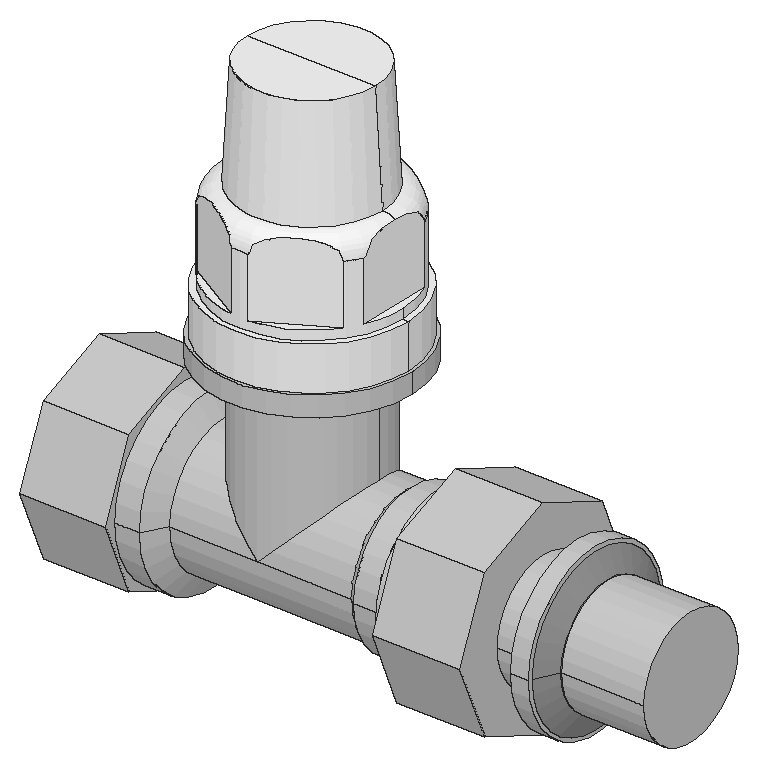
Revit family "PA_Арматура трубопроводов [клапан термостатический прямой, VT.032.NR]1 - VALTEC", category Арматура трубопроводов, Revit 2018
Family settings
  Размер круглого соединителя = Использовать диаметр
  Тип детали = Вставляется
  На основе рабочей плоскости = Нет
  Всегда вертикально = Да
  При загрузке вырезать с полостями = Нет
  Общий = Нет
Parameters (values of type "VT.032.NR")
  Таблица 1 = "PA_Арматура трубопроводов [клапан термостатический прямой, VT.032.NR] - VALTEC - Таблица 1"  # constant formula
  Материал доп.1 = Черный - VALTEC
  Изготовитель = "VALTEC"  # constant formula
  Головка термостатическая [instance] = Колпачок : Колпачок
  d9 [instance] = size_lookup(Таблица 1, "d9", 0 mm, D1)  # 25.6 mm
  d8 [instance] = size_lookup(Таблица 1, "d8", 0 mm, D1)  # 25.8 mm
  d7 [instance] = size_lookup(Таблица 1, "d7", 0 mm, D1)  # 20.7 mm
  a9 [instance] = size_lookup(Таблица 1, "a9", 0 mm, D1)  # 1.5 mm
  a8 [instance] = size_lookup(Таблица 1, "a8", 0 mm, D1)  # 1.2 mm
  a7 [instance] = size_lookup(Таблица 1, "a7", 0 mm, D1)  # 2.9 mm
  a6 [instance] = size_lookup(Таблица 1, "a6", 0 mm, D1)  # 0.9 mm
  a5 [instance] = size_lookup(Таблица 1, "a5", 0 mm, D1)  # 12 mm
  a13 [instance] = size_lookup(Таблица 1, "a13", 0 mm, D1)  # 1.5 mm
  a12 [instance] = size_lookup(Таблица 1, "a12", 0 mm, D1)  # 2.3 mm
  a11 [instance] = size_lookup(Таблица 1, "a11", 0 mm, D1)  # 4.5 mm
  a10 [instance] = size_lookup(Таблица 1, "a10", 0 mm, D1)  # 11.2 mm
  MM_Геометрия [instance] = if(Головка термостатическая = [1!!!НЕ ИЗМЕНЯТЬ!!!], MM_1!!!НЕ ИЗМЕНЯТЬ!!!, if(Головка термостатическая = [2!!!НЕ ИЗМЕНЯТЬ!!!], MM_2!!!НЕ ИЗМЕНЯТЬ!!!, if(Головка термостатическая = [3!!!НЕ ИЗМЕНЯТЬ!!!], MM_3!!!НЕ ИЗМЕНЯТЬ!!!, if(Головка термостатическая = [4!!!НЕ ИЗМЕНЯТЬ!!!], MM_4!!!НЕ ИЗМЕНЯТЬ!!!, if(Головка термостатическая = [5!!!НЕ ИЗМЕНЯТЬ!!!], MM_4!!!НЕ ИЗМЕНЯТЬ!!!, if(Головка термостатическая = [6!!!НЕ ИЗМЕНЯТЬ!!!], MM_5!!!НЕ ИЗМЕНЯТЬ!!!, if(Головка термостатическая = [7!!!НЕ ИЗМЕНЯТЬ!!!], MM_6!!!НЕ ИЗМЕНЯТЬ!!!, if(Головка термостатическая = [8!!!НЕ ИЗМЕНЯТЬ!!!], MM_6!!!НЕ ИЗМЕНЯТЬ!!!, if(Головка термостатическая = [9!!!НЕ ИЗМЕНЯТЬ!!!], MM_6!!!НЕ ИЗМЕНЯТЬ!!!, if(Головка термостатическая = [10!!!НЕ ИЗМЕНЯТЬ!!!], MM_6!!!НЕ ИЗМЕНЯТЬ!!!, if(Головка термостатическая = [11!!!НЕ ИЗМЕНЯТЬ!!!], MM_7!!!НЕ ИЗМЕНЯТЬ!!!, if(Головка термостатическая = [12!!!НЕ ИЗМЕНЯТЬ!!!], MM_7!!!НЕ ИЗМЕНЯТЬ!!!, if(Головка термостатическая = [13!!!НЕ ИЗМЕНЯТЬ!!!], MM_7!!!НЕ ИЗМЕНЯТЬ!!!, MM_8!!!НЕ ИЗМЕНЯТЬ!!!)))))))))))))  # MM_Обобщенные модели [колпачок, VT.031.NER] - VALTEC : VT.TE3042.0
  MM_8!!!НЕ ИЗМЕНЯТЬ!!! = MM_Обобщенные модели [колпачок, VT.031.NER] - VALTEC : VT.TE3042.0
  MM_7!!!НЕ ИЗМЕНЯТЬ!!! = MM_Обобщенные модели [сервопривод электрический, VT.TE3042] - VALTEC : VT.TE3042.0
  MM_6!!!НЕ ИЗМЕНЯТЬ!!! = MM_Обобщенные модели [сервопривод электрический, VT.TE3040] - VALTEC : VT.TE3040
  MM_5!!!НЕ ИЗМЕНЯТЬ!!! = MM_Обобщенные модели [cервопривод EQUICALOR, VT.AS1000] - VALTEC : VT.AS1000
  MM_4!!!НЕ ИЗМЕНЯТЬ!!! = MM_Обобщенные модели [головка термостатическая жидкостная, VT.5000.0] - VALTEC : VT.5000.0 - VT.5010.0
  MM_3!!!НЕ ИЗМЕНЯТЬ!!! = MM_Обобщенные модели [головка термостатическая жидкостная, VT.3000.0] - VALTEC : VT.3000.0
  MM_2!!!НЕ ИЗМЕНЯТЬ!!! = MM_Обобщенные модели [головка термостатическая жидкостная, VT.1500.0] - VALTEC : VT.1500.0
  MM_1!!!НЕ ИЗМЕНЯТЬ!!! = MM_Обобщенные модели [головка термостатическая твердотельная, VT.1000.0] - VALTEC : VT.1000.0
  ME_Информация [instance] = if(Головка термостатическая = [1!!!НЕ ИЗМЕНЯТЬ!!!], ME_1!!!НЕ ИЗМЕНЯТЬ!!!, if(Головка термостатическая = [2!!!НЕ ИЗМЕНЯТЬ!!!], ME_2!!!НЕ ИЗМЕНЯТЬ!!!, if(Головка термостатическая = [3!!!НЕ ИЗМЕНЯТЬ!!!], ME_3!!!НЕ ИЗМЕНЯТЬ!!!, if(Головка термостатическая = [4!!!НЕ ИЗМЕНЯТЬ!!!], ME_4!!!НЕ ИЗМЕНЯТЬ!!!, if(Головка термостатическая = [5!!!НЕ ИЗМЕНЯТЬ!!!], ME_5!!!НЕ ИЗМЕНЯТЬ!!!, if(Головка термостатическая = [6!!!НЕ ИЗМЕНЯТЬ!!!], ME_6!!!НЕ ИЗМЕНЯТЬ!!!, if(Головка термостатическая = [7!!!НЕ ИЗМЕНЯТЬ!!!], ME_7!!!НЕ ИЗМЕНЯТЬ!!!, if(Головка термостатическая = [8!!!НЕ ИЗМЕНЯТЬ!!!], ME_8!!!НЕ ИЗМЕНЯТЬ!!!, if(Головка термостатическая = [9!!!НЕ ИЗМЕНЯТЬ!!!], ME_9!!!НЕ ИЗМЕНЯТЬ!!!, if(Головка термостатическая = [10!!!НЕ ИЗМЕНЯТЬ!!!], ME_10!!!НЕ ИЗМЕНЯТЬ!!!, if(Головка термостатическая = [11!!!НЕ ИЗМЕНЯТЬ!!!], ME_11!!!НЕ ИЗМЕНЯТЬ!!!, if(Головка термостатическая = [12!!!НЕ ИЗМЕНЯТЬ!!!], ME_12!!!НЕ ИЗМЕНЯТЬ!!!, if(Головка термостатическая = [13!!!НЕ ИЗМЕНЯТЬ!!!], ME_13!!!НЕ ИЗМЕНЯТЬ!!!, ME_14!!!НЕ ИЗМЕНЯТЬ!!!)))))))))))))  # ME_Оборудование [колпачек] - VALTEC : ME_Оборудование [колпачек] - VALTEC
  ME_9!!!НЕ ИЗМЕНЯТЬ!!! = ME_Оборудование [сервопривод электрический, VT.TE3041.0.024] - VALTEC : ME_Оборудование [сервопривод электрический, VT.TE3041.0.024] - VALTEC
  ME_8!!!НЕ ИЗМЕНЯТЬ!!! = ME_Оборудование [сервопривод электрический, VT.TE3040.A.220] - VALTEC : ME_Оборудование [сервопривод электрический, VT.TE3040.A.220] - VALTEC
  ME_7!!!НЕ ИЗМЕНЯТЬ!!! = ME_Оборудование [сервопривод электрический, VT.TE3040.0.220] - VALTEC : ME_Оборудование [сервопривод электрический, VT.TE3040.0.220] - VALTEC
  ME_6!!!НЕ ИЗМЕНЯТЬ!!! = ME_Оборудование [cервопривод EQUICALOR, VT.AS1000] - VALTEC : ME_Оборудование [cервопривод EQUICALOR, VT.AS1000] - VALTEC
  ME_5!!!НЕ ИЗМЕНЯТЬ!!! = ME_Оборудование [головка термостатическая жидкостная, VT.5010.0] - VALTEC : ME_Оборудование [головка термостатическая жидкостная, VT.5010.0] - VALTEC
  ME_4!!!НЕ ИЗМЕНЯТЬ!!! = ME_Оборудование [головка термостатическая жидкостная, VT.5000.0] - VALTEC : ME_Оборудование [головка термостатическая жидкостная, VT.5000.0] - VALTEC
  ME_3!!!НЕ ИЗМЕНЯТЬ!!! = ME_Оборудование [головка термостатическая жидкостная, VT.3000.0] - VALTEC : ME_Оборудование [головка термостатическая жидкостная, VT.3000.0] - VALTEC
  ME_2!!!НЕ ИЗМЕНЯТЬ!!! = ME_Оборудование [головка термостатическая жидкостная, VT.1500.0] - VALTEC : ME_Оборудование [головка термостатическая жидкостная, VT.1500.0] - VALTEC
  ME_14!!!НЕ ИЗМЕНЯТЬ!!! = ME_Оборудование [колпачек] - VALTEC : ME_Оборудование [колпачек] - VALTEC
  ME_13!!!НЕ ИЗМЕНЯТЬ!!! = ME_Оборудование [сервопривод электрический, VT.TE3042.A.220] - VALTEC : ME_Оборудование [сервопривод электрический, VT.TE3042.A.220] - VALTEC
  ME_12!!!НЕ ИЗМЕНЯТЬ!!! = ME_Оборудование [сервопривод электрический, VT.TE3042.0.220] - VALTEC : ME_Оборудование [сервопривод электрический, VT.TE3042.0.220] - VALTEC
  ME_11!!!НЕ ИЗМЕНЯТЬ!!! = ME_Оборудование [сервопривод электрический, VT.TE3042.0.024] - VALTEC : ME_Оборудование [сервопривод электрический, VT.TE3042.0.024] - VALTEC
  ME_10!!!НЕ ИЗМЕНЯТЬ!!! = ME_Оборудование [сервопривод электрический, VT.TE3041.A.024] - VALTEC : ME_Оборудование [сервопривод электрический, VT.TE3041.A.024] - VALTEC
  ME_1!!!НЕ ИЗМЕНЯТЬ!!! = ME_Оборудование [головка термостатическая твердотельная, VT.1000.0] - VALTEC : ME_Оборудование [головка термостатическая твердотельная, VT.1000.0] - VALTEC
  B [instance] = 56 mm
  b3 [instance] = size_lookup(Таблица 1, "b3", 0 mm, D1)  # 2.6 mm
  b2 [instance] = size_lookup(Таблица 1, "b2", 0 mm, D1)  # 2.3 mm
  d6 [instance] = size_lookup(Таблица 1, "d6", 0 mm, D1)  # 21.6 mm
  d5 [instance] = size_lookup(Таблица 1, "d5", 0 mm, D1)  # 26.7 mm
  d4 [instance] = size_lookup(Таблица 1, "d4", 0 mm, D1)  # 22.1 mm
  d3 [instance] = size_lookup(Таблица 1, "d3", 0 mm, D1)  # 18.8 mm
  d2 [instance] = size_lookup(Таблица 1, "d2", 0 mm, D1)  # 17.4 mm
  d1 [instance] = size_lookup(Таблица 1, "d1", 0 mm, D1)  # 22.9 mm
  D1 [instance] = 15 mm
  b1 [instance] = size_lookup(Таблица 1, "b1", 0 mm, D1)  # 17.7 mm
  a4 [instance] = size_lookup(Таблица 1, "a4", 0 mm, D1)  # 11.4 mm
  a3 [instance] = size_lookup(Таблица 1, "a3", 0 mm, D1)  # 1.6 mm
  a2 [instance] = size_lookup(Таблица 1, "a2", 0 mm, D1)  # 3.3 mm
  a1 [instance] = size_lookup(Таблица 1, "a1", 0 mm, D1)  # 11 mm
  URL = "https://valtec.ru/"
  C [instance] = 0 mm
  ADSK_Расход жидкости [instance] = 0.0 L/s
  ADSK_Примечание [instance] = ""
  ADSK_Потеря давления жидкости [instance] = 0.0 Pa
  ADSK_Позиция [instance] = ""
  ADSK_Обозначение [instance] = "VT.032.NR"  # constant formula
  ADSK_Наименование [instance] = size_lookup(Таблица 1, "", "Данный типоразмер отсутствует", D1)  # "Клапан термостатический прямой с дополнительным уплотнением 1/2\""
  ADSK_Материал = Сталь, нержавеющая - VALTEC
  ADSK_Масса [instance] = 0.242  # constant formula
  ADSK_Марка [instance] = "VT.032.NR"  # constant formula
  ADSK_Код изделия [instance] = "VT.032.NR.04"  # constant formula
  ADSK_Завод-изготовитель [instance] = Изготовитель  # "VALTEC"
  ADSK_Единица измерения [instance] = "шт."  # constant formula
  ADSK_URL страницы изделия = "https://valtec.ru/catalog/radiatornaya_armatura/termostaticheskie_klapany_dlya_radiatorov/klapan_termostaticheskij_pryamoj_s_dopolnitelnym_uplotneniem.html"
  ADSK_URL документации изделия = "https://valtec.ru/document/technical/VT.031-032-n-nr-ner-0119.pdf"
  A [instance] = 76 mm
  9!!!НЕ ИЗМЕНЯТЬ!!! = VT.TE3041.0.024 : VT.TE3041.0.024
  8!!!НЕ ИЗМЕНЯТЬ!!! = VT.TE3040.A.220 : VT.TE3040.A.220
  7!!!НЕ ИЗМЕНЯТЬ!!! = VT.TE3040.0.220 : VT.TE3040.0.220
  6!!!НЕ ИЗМЕНЯТЬ!!! = VT.AS1000 : VT.AS1000
  5!!!НЕ ИЗМЕНЯТЬ!!! = VT.5010.0.0 : VT.5010.0.0
  4!!!НЕ ИЗМЕНЯТЬ!!! = VT.5000.0.0 : VT.5000.0.0
  3!!!НЕ ИЗМЕНЯТЬ!!! = VT.3000.0.0 : VT.3000.0.0
  2!!!НЕ ИЗМЕНЯТЬ!!! = VT.1500.0.0 : VT.1500.0.0
  14!!!НЕ ИЗМЕНЯТЬ!!! = Колпачок : Колпачок
  13!!!НЕ ИЗМЕНЯТЬ!!! = VT.TE3042.A.220 : VT.TE3042.A.220
  12!!!НЕ ИЗМЕНЯТЬ!!! = VT.TE3042.0.220 : VT.TE3042.0.220
  11!!!НЕ ИЗМЕНЯТЬ!!! = VT.TE3042.0.024 : VT.TE3042.0.024
  10!!!НЕ ИЗМЕНЯТЬ!!! = VT.TE3041.A.024 : VT.TE3041.A.024
  1!!!НЕ ИЗМЕНЯТЬ!!! = VT.1000.0.0 : VT.1000.0.0
Reference planes
  plane 1 "По центру (Вперед/Назад)": y = 0
  plane 2: z = 0
  plane 3 "По центру (Влево/Вправо)": x = 0
  plane 4: z = 56
  plane 5: z = 17.7
  plane 6: z = 20
  plane 7: z = 22.6
  plane 8: x = -27.3
  plane 9: x = -16.3
  plane 10: x = -13
  plane 11: x = -11.4
  plane 12: x = 12
  plane 13: x = 12.9
  plane 14: x = 15.8
  plane 15: x = 17
  plane 16: x = 18.5
  plane 17: x = 29.7
  plane 18: x = 34.2
  plane 19: x = 36.5
  plane 20: x = 38
  plane 21: x = 48.7
Forms (mm)
  Extrusion 1, solid, material "Сталь, нержавеющая - VALTEC" <- "ADSK_Материал", detail levels medium+fine
    sketch origin (0, 0, 0) x (0, 1, 0) y (0, 0, 1)
      loop
        circle (0, 0) r 11.45
    from -13 to -16.3
  Blend 2, solid, material "Сталь, нержавеющая - VALTEC" <- "ADSK_Материал", detail levels medium+fine
    base sketch origin (0, 0, 0) x (0, 1, 0) y (0, 0, 1)
      loop
        circle (0, 0) r 11.45
    top sketch origin (0, 0, 0) x (0, 1, 0) y (0, 0, 1)
      loop
        circle (0, 0) r 8.7
    from -13 to -11.4
  Extrusion 3, solid, material "Сталь, нержавеющая - VALTEC" <- "ADSK_Материал", detail levels medium+fine
    sketch origin (0, 0, 0) x (0, 1, 0) y (0, 0, 1)
      loop
        circle (0, 0) r 8.7
    from -11.4 to 12
  Blend 4, solid, material "Сталь, нержавеющая - VALTEC" <- "ADSK_Материал", detail levels medium+fine
    base sketch origin (0, 0, 0) x (0, 1, 0) y (0, 0, 1)
      loop
        circle (0, 0) r 8.7
    top sketch origin (0, 0, 0) x (0, 1, 0) y (0, 0, 1)
      loop
        circle (0, 0) r 9.4
    from 12 to 12.9
  Extrusion 5, solid, material "Сталь, нержавеющая - VALTEC" <- "ADSK_Материал", detail levels medium+fine
    sketch origin (0, 0, 0) x (0, 1, 0) y (0, 0, 1)
      loop
        circle (0, 0) r 9.4
    from 12.9 to 15.8
  Blend 6, solid, material "Сталь, нержавеющая - VALTEC" <- "ADSK_Материал", detail levels medium+fine
    base sketch origin (0, 0, 0) x (0, 1, 0) y (0, 0, 1)
      loop
        circle (0, 0) r 9.4
    top sketch origin (0, 0, 0) x (0, 1, 0) y (0, 0, 1)
      loop
        circle (0, 0) r 11.05
    from 15.8 to 17
  Extrusion 7, solid, material "Сталь, нержавеющая - VALTEC" <- "ADSK_Материал", detail levels medium+fine
    sketch origin (0, 0, 0) x (0, 1, 0) y (0, 0, 1)
      loop
        circle (0, 0) r 11.05
    from 17 to 18.5
  Extrusion 8, solid, material "Сталь, нержавеющая - VALTEC" <- "ADSK_Материал", detail levels medium+fine
    sketch origin (0, 0, 0) x (0, 1, 0) y (0, 0, 1)
      loop
        circle (0, 0) r 7.5
    from 29.7 to 34.2
  Extrusion 9, solid, material "Сталь, нержавеющая - VALTEC" <- "ADSK_Материал", detail levels medium+fine
    sketch origin (0, 0, 0) x (0, 1, 0) y (0, 0, 1)
      loop
        circle (0, 0) r 7.5
    from 38 to 48.7
  Extrusion 10, solid, material "Сталь, нержавеющая - VALTEC" <- "ADSK_Материал", detail levels medium+fine
    sketch origin (0, 0, 0) x (0, 1, 0) y (0, 0, 1)
      loop
        circle (0, 0) r 10.8
    from 34.2 to 36.5
  Blend 11, solid, material "Черный - VALTEC" <- "Материал доп.1", detail levels medium+fine
    base sketch origin (0, 0, 0) x (0, 1, 0) y (0, 0, 1)
      loop
        circle (0, 0) r 10.35
    top sketch origin (0, 0, 0) x (0, 1, 0) y (0, 0, 1)
      loop
        circle (0, 0) r 7.5
    from 36.5 to 38
  Extrusion 12, solid, material "Сталь, нержавеющая - VALTEC" <- "ADSK_Материал", detail levels medium+fine
    sketch origin (0, 0, 0) x (1, 0, 0) y (0, 1, 0)
      loop
        circle (0, 0) r 8.7
    from 0 to 17.7
  Blend 13, solid, material "Сталь, нержавеющая - VALTEC" <- "ADSK_Материал", detail levels medium+fine
    base sketch origin (0, 0, 0) x (1, 0, 0) y (0, 1, 0)
      loop
        circle (0, 0) r 8.7
    top sketch origin (0, 0, 0) x (1, 0, 0) y (0, 1, 0)
      loop
        circle (0, 0) r 12.9
    from 17.7 to 20
  Extrusion 14, solid, material "Сталь, нержавеющая - VALTEC" <- "ADSK_Материал", detail levels medium+fine
    sketch origin (0, 0, 0) x (1, 0, 0) y (0, 1, 0)
      loop
        circle (0, 0) r 12.9
    from 20 to 22.6
Cuts and joins
  joined: Extrusion 1, Blend 2, Extrusion 3, Blend 4, Extrusion 5, Blend 6, Extrusion 7, Extrusion 8, Extrusion 9, Extrusion 10, Extrusion 12, Blend 13, Extrusion 14
Lines and regions (mm)
  reference lines
    curve 1: line (-16.3, 0, 0) -> (38, 0, 0)
  symbolic lines, detail levels coarse
    curve 2: line (-27.3, 0, 0) -> (-16.3, 0, 0)
    curve 3: line (9.4, 0, 56) -> (9.4, 0, 0)
    curve 4: line (38, 0, 0) -> (48.7, 0, 0)
    curve 5: line (-16.3, 0, 13.479) -> (38, 0, -15)
    curve 6: line (-16.3, 0, 13.479) -> (-16.3, 0, -15)
    curve 7: line (38, 0, 15) -> (38, 0, -15)
    curve 8: line (-16.3, 0, -15) -> (38, 0, 15)
    curve 9: line (9.4, 0, 0) -> (-0.6, 0, 17.321)
    curve 10: line (9.4, 0, 0) -> (19.4, 0, 17.321)
  model lines, detail levels coarse
    curve 11: line (10.85, 0, 0) -> (10.85, 56, 0)
    curve 12: line (10.85, 0, 0) -> (-0.1, 17.321, 0)
    curve 13: line (10.85, 0, 0) -> (19.9, 17.321, 0)
    curve 14: line (-16.3, 15, 0) -> (-16.3, -15, 0)
    curve 15: line (38, 15, 0) -> (38, -15, 0)
    curve 16: line (-16.3, -15, 0) -> (38, 15, 0)
    curve 17: line (38, -15, 0) -> (-16.3, 15, 0)
    curve 18: line (-27.3, 0, 0) -> (-16.3, 0, 0)
    curve 19: line (38, 0, 0) -> (48.7, 0, 0)
Dimensions and locks
  "b1": plane 5 to plane 2
  "b2": plane 6 to plane 5
  "b3": plane 7 to plane 6
  "B": plane 4 to plane 2
  "a1": plane 8 to plane 9
  "a2": plane 9 to plane 10
  "a3": plane 10 to plane 11
  "a4": plane 11 to plane 3 "По центру (Влево/Вправо)"
  "a5": plane 12 to plane 3 "По центру (Влево/Вправо)"
  "a6": plane 12 to plane 13
  "a8": plane 14 to plane 15
  "a9": plane 15 to plane 16
  "a10": plane 16 to plane 17
  "a11": plane 17 to plane 18
  "a12": plane 18 to plane 19
  "a13": plane 19 to plane 20
  "A": plane 8 to plane 21
  "a7": plane 13 to plane 14
  "d1": diameter of Extrusion 1 sketch curve
  "d1": diameter of Blend 2 sketch curve
  "d2": diameter of Blend 2 sketch curve
  "d2": diameter of Extrusion 3 sketch curve
  "d2": diameter of Blend 4 sketch curve
  "d3": diameter of Blend 4 sketch curve
  "d3": diameter of Extrusion 5 sketch curve
  "d3": diameter of Blend 6 sketch curve
  "d4": diameter of Blend 6 sketch curve
  "d4": diameter of Extrusion 7 sketch curve
  locked: Extrusion 8 sketch curve to Extrusion 8 sketch curve (diameter 15 mm)
  locked: Extrusion 9 sketch curve to Extrusion 9 sketch curve (diameter 15 mm)
  "d6": diameter of Extrusion 10 sketch curve
  "d7": diameter of Blend 11 sketch curve
  locked: Blend 11 sketch curve to Blend 11 sketch curve (diameter 15 mm)
  "d2": diameter of Extrusion 12 sketch curve
  "d2": diameter of Blend 13 sketch curve
  "d8": diameter of Blend 13 sketch curve
  "d8": diameter of Extrusion 14 sketch curve
  aligned and locked: level to plane 2
  aligned and locked: level to Extrusion 1 sketch curve
  aligned and locked: plane 1 "По центру (Вперед/Назад)" to Extrusion 1 sketch curve
  aligned and locked: level to Blend 2 sketch curve  (x2)
  aligned and locked: plane 1 "По центру (Вперед/Назад)" to Blend 2 sketch curve  (x2)
  aligned and locked: plane 9 to Extrusion 1
  aligned and locked: Extrusion 1 to plane 10
  aligned and locked: plane 10 to Blend 2
  aligned and locked: Blend 2 to plane 11
  aligned and locked: level to Extrusion 3 sketch curve
  aligned and locked: plane 1 "По центру (Вперед/Назад)" to Extrusion 3 sketch curve
  aligned and locked: level to Blend 4 sketch curve  (x2)
  aligned and locked: plane 1 "По центру (Вперед/Назад)" to Blend 4 sketch curve  (x2)
  aligned and locked: plane 11 to Extrusion 3
  aligned and locked: Extrusion 3 to plane 12
  aligned and locked: plane 12 to Blend 4
  aligned and locked: Blend 4 to plane 13
  aligned and locked: level to Extrusion 5 sketch curve
  aligned and locked: plane 1 "По центру (Вперед/Назад)" to Extrusion 5 sketch curve
  aligned and locked: plane 13 to Extrusion 5
  aligned and locked: Extrusion 5 to plane 14
  aligned and locked: nested 1 to level
  aligned and locked: plane 16 to nested 1
  aligned and locked: level to Blend 6 sketch curve  (x2)
  aligned and locked: plane 1 "По центру (Вперед/Назад)" to Blend 6 sketch curve  (x2)
  aligned and locked: level to Extrusion 7 sketch curve
  aligned and locked: plane 1 "По центру (Вперед/Назад)" to Extrusion 7 sketch curve
  aligned and locked: plane 14 to Blend 6
  aligned and locked: Blend 6 to plane 15
  aligned and locked: plane 15 to Extrusion 7
  aligned and locked: Extrusion 7 to plane 16
  aligned and locked: plane 1 "По центру (Вперед/Назад)" to nested 1
  aligned and locked: plane 1 "По центру (Вперед/Назад)" to Extrusion 8 sketch curve
  aligned and locked: level to Extrusion 8 sketch curve
  aligned and locked: level to Extrusion 9 sketch curve
  aligned and locked: plane 1 "По центру (Вперед/Назад)" to Extrusion 9 sketch curve
  aligned and locked: level to Extrusion 10 sketch curve
  aligned and locked: plane 1 "По центру (Вперед/Назад)" to Extrusion 10 sketch curve
  aligned and locked: level to Blend 11 sketch curve  (x2)
  aligned and locked: plane 1 "По центру (Вперед/Назад)" to Blend 11 sketch curve  (x2)
  aligned and locked: plane 19 to Blend 11
  aligned and locked: Blend 11 to plane 20
  aligned and locked: plane 17 to Extrusion 8
  aligned and locked: plane 20 to Extrusion 9
  aligned and locked: plane 18 to Extrusion 10
  aligned and locked: Extrusion 10 to plane 19
  aligned and locked: Extrusion 8 to plane 18
  aligned and locked: Extrusion 9 to plane 21
  aligned and locked: plane 9 to curve 1
  aligned and locked: plane 20 to curve 1
  aligned and locked: curve 1 to level
  aligned and locked: plane 3 "По центру (Влево/Вправо)" to Extrusion 12 sketch curve
  aligned and locked: plane 1 "По центру (Вперед/Назад)" to Extrusion 12 sketch curve
  aligned and locked: plane 3 "По центру (Влево/Вправо)" to Blend 13 sketch curve  (x2)
  aligned and locked: plane 1 "По центру (Вперед/Назад)" to Blend 13 sketch curve  (x2)
  aligned and locked: plane 1 "По центру (Вперед/Назад)" to Extrusion 14 sketch curve
  aligned and locked: plane 3 "По центру (Влево/Вправо)" to Extrusion 14 sketch curve
  aligned and locked: Extrusion 14 to plane 6
  aligned and locked: Blend 13 to plane 5
  aligned and locked: Extrusion 12 to level
  aligned and locked: plane 5 to Extrusion 12
  aligned and locked: plane 6 to Blend 13
  aligned and locked: plane 7 to Extrusion 14
  aligned and locked: plane 8 to curve 2
  aligned and locked: plane 9 to curve 2
  aligned and locked: plane 20 to curve 4
  aligned and locked: plane 21 to curve 4
  aligned and locked: curve 4 to level
  aligned and locked: curve 2 to level
  aligned and locked: level to curve 3
  aligned and locked: plane 4 to curve 3
  aligned and locked: plane 9 to curve 6
  aligned and locked: plane 20 to curve 7
  aligned and locked: plane 9 to curve 18
  aligned and locked: plane 8 to curve 18
  aligned and locked: plane 20 to curve 19
  aligned and locked: plane 21 to curve 19
  aligned and locked: plane 1 "По центру (Вперед/Назад)" to curve 19
  aligned and locked: plane 1 "По центру (Вперед/Назад)" to curve 18
  aligned and locked: plane 1 "По центру (Вперед/Назад)" to nested 3
  aligned and locked: nested 3 to plane 3 "По центру (Влево/Вправо)"
  aligned and locked: nested 2 to plane 1 "По центру (Вперед/Назад)"
  aligned and locked: plane 3 "По центру (Влево/Вправо)" to nested 2
  aligned and locked: plane 7 to nested 2
  aligned and locked: plane 1 "По центру (Вперед/Назад)" to nested 4
  aligned and locked: plane 8 to nested 4
Automatic sketch dimensions
  plane 12 to curve 10 = 2.6 mm
  curve 7 to curve 4 = 15 mm
  curve 8 to level = 15 mm
  curve 8 to plane 5 = 2.7 mm
  curve 9 to plane 3 "По центру (Влево/Вправо)" = 0.6 mm
  curve 10 to plane 5 = 0.379 mm
  curve 10 to plane 16 = 0.9 mm
  curve 9 to plane 5 = 0.379 mm
  plane 1 "По центру (Вперед/Назад)" to curve 14 = 15 mm
  plane 1 "По центру (Вперед/Назад)" to curve 17 = 15 mm
  curve 17 to plane 1 "По центру (Вперед/Назад)" = 15 mm
  curve 16 to plane 1 "По центру (Вперед/Назад)" = 15 mm
  curve 13 to curve 14 = 15 mm
  curve 13 to plane 8 = 47.2 mm
  curve 12 to curve 13 = 20 mm
  curve 11 to curve 12 = 17.321 mm
  curve 12 to curve 13 = 0 mm
  curve 13 to curve 11 = 38.679 mm
Nested families
  nested 1: "Гайка - горизонталь" at (24.1, 0, 0), d3 <- "d5", B <- "a10", ADSK_Материал <- "ADSK_Материал", type "Гайка - горизонталь", detail levels medium+fine
    with hr 24.668 mm, d3 26.7 mm, B 11.2 mm, ADSK_Материал Сталь, нержавеющая - VALTEC
  nested 2: "MM_Обобщенные модели [колпачок, VT.031.NER] - VALTEC" at (0, 0, 22.6), type <- "MM_Геометрия", type "VT.TE3042.0", detail levels medium+fine
  nested 3: "ME_Оборудование [колпачек] - VALTEC" at (0, 0, 0), type <- "ME_Информация", type "ME_Оборудование [колпачек] - VALTEC", detail levels medium
    with ADSK_Примечание "", ADSK_Позиция "", ADSK_Обозначение "VT.3000.0", ADSK_Наименование "Головка термостатическая жидкостная", ADSK_Масса 0, ADSK_Код изделия "VT.3000.0.0", ADSK_Завод-изготовитель "VALTEC", ADSK_Единица измерения "шт."
  nested 4: "Гайка - горизонталь" at (-21.8, 0, 0), ADSK_Материал <- "ADSK_Материал", B <- "a1", d3 <- "d9", type "Гайка - горизонталь", detail levels medium+fine
    with hr 23.651 mm, d3 25.6 mm, B 11 mm, ADSK_Материал Сталь, нержавеющая - VALTEC
Connectors
  piping at (-16.3, 0, 0), diameter 15, driven by "D1", driven by "ADSK_Расход жидкости", driven by "ADSK_Потеря давления жидкости"
    settings: on curve 1, index 1, connector inside diameter 609.6 mm, connector length 0 mm, flow factor 0, pipe flow 0.0 L/s, pressure drop 0.0 Pa, fitting loss kfactor 0, connector angle 0.00°, fixture units 0, engagement length 0 mm, angle of deflection 0.00°, flow configuration 0, flow direction 1, fitting loss method 4, system type 7, joint type 0, gender type 0, connector reference index 2, connector utility 0, adjustable connector no, is connector primary yes, connector description ""
  piping at (38, 0, 0), diameter 15, driven by "ADSK_Расход жидкости", driven by "D1"
    settings: on curve 1, index 2, connector inside diameter 609.6 mm, connector length 0 mm, flow factor 0, pipe flow 0.0 L/s, pressure drop 0.0 Pa, fitting loss kfactor 0, connector angle 0.00°, fixture units 0, engagement length 0 mm, angle of deflection 0.00°, flow configuration 0, flow direction 2, fitting loss method 0, system type 7, joint type 0, gender type 0, connector reference index 1, connector utility 0, adjustable connector no, is connector primary no, connector description ""
Definition of nested family "Гайка - горизонталь"
  Parameters (values of type "Гайка - горизонталь")
    hr [instance] = d3 / 2 * cos(180.00° / 8) * 2  # 588.881 mm
    d3 [instance] = 637.4 mm
    B [instance] = 637.4 mm
    ADSK_Материал [instance] = none
  Reference planes
    plane 1 "По центру (Вперед/Назад)": y = 0
    plane 2: z = 0
    plane 3 "По центру (Влево/Вправо)": x = 0
    plane 4: y = 318.7
    plane 5: y = -318.7
    plane 6: through (0, -912.519, 2972.425) normal (0, -0.9239, -0.3827)
    plane 7: through (0, -1234.338, 2979.956) normal (0, -0.9239, -0.3827)
    plane 8: through (0, -1556.157, 2987.486) normal (0, -0.9239, -0.3827)
    plane 9: through (0, 1234.338, 2979.956) normal (0, -0.9239, 0.3827)
    plane 10: through (0, -2420.114, 1321.144) normal (0, -0.3827, -0.9239)
    plane 11: through (0, -2532.792, 1049.117) normal (0, -0.3827, -0.9239)
    plane 12: through (0, -2645.469, 777.089) normal (0, -0.3827, -0.9239)
    plane 13: through (0, 2420.114, 1321.144) normal (0, -0.3827, 0.9239)
    plane 14: through (0, 2532.792, 1049.117) normal (0, -0.3827, 0.9239)
    plane 15: through (0, 2645.469, 777.089) normal (0, -0.3827, 0.9239)
    plane 16: through (0, 912.519, 2972.425) normal (0, -0.9239, 0.3827)
    plane 17: through (0, 1234.338, 2979.956) normal (0, -0.9239, 0.3827)
    plane 18: through (0, 1556.157, 2987.486) normal (0, -0.9239, 0.3827)
    plane 19: x = 318.7
    plane 20: x = -318.7
  Forms (mm)
    Extrusion 1, solid, material <- "ADSK_Материал"
      sketch origin (0, 0, 0) x (0, 1, 0) y (0, 0, 1)
        loop
          line (0, 318.7) -> (-225.355, 225.355) -> (-318.7, 0) -> (-225.355, -225.355) -> (0, -318.7) -> (225.355, -225.355) -> (318.7, 0) -> (225.355, 225.355) -> (0, 318.7)
      from -318.7 to 318.7
  Dimensions and locks
    equal spacing: plane 4, plane 1 "По центру (Вперед/Назад)", plane 5
    "d3": plane 4 to plane 5
    equal spacing: plane 8, plane 7, plane 6
    "hr": plane 8 to plane 6
    equal spacing: plane 12, plane 11, plane 10
    "hr": plane 12 to plane 10
    equal spacing: plane 15, plane 14, plane 13
    "hr": plane 15 to plane 13
    equal spacing: plane 18, plane 17, plane 16
    "hr": plane 18 to plane 16
    equal spacing: plane 20, plane 3 "По центру (Влево/Вправо)", plane 19
    "B": plane 20 to plane 19
    aligned and locked: level to plane 2
    aligned and locked: plane 10 to Extrusion 1 sketch curve
    aligned and locked: plane 13 to Extrusion 1 sketch curve
    aligned and locked: plane 16 to Extrusion 1 sketch curve
    aligned and locked: Extrusion 1 sketch curve to plane 8
    aligned and locked: Extrusion 1 sketch curve to plane 12
    aligned and locked: Extrusion 1 sketch curve to plane 15
    aligned and locked: Extrusion 1 sketch curve to plane 18
    aligned and locked: plane 6 to Extrusion 1 sketch curve
    aligned and locked: plane 19 to Extrusion 1
    aligned and locked: plane 20 to Extrusion 1
    aligned and locked: Extrusion 1 to plane 19
Definition of nested family "MM_Обобщенные модели [колпачок, VT.031.NER] - VALTEC"
  Parameters (values of type "VT.TE3042.0")
    Manufacturer = ""
    URL = ""
    ADSK_Материал = none
  Reference planes
    plane 1 "По центру (Вперед/Назад)": y = 0
    plane 2: z = 0
    plane 3 "По центру (Влево/Вправо)": x = 0
    plane 4: z = 31.3
    plane 5: y = 5.5
    plane 6: y = -5.5
    plane 7: x = -12.45
    plane 8: z = 5.6
    plane 9: z = 17.2
    plane 10: x = -11.65
    plane 11: x = -9.05
    plane 12: x = -8.25
    plane 13: x = 12.45
    plane 14: x = 11.65
    plane 15: x = 9.05
    plane 16: x = 8.25
    plane 17: z = 6.832
  Forms (mm)
    Revolve 1, solid, material <- "ADSK_Материал"
      sketch origin (0, 0, 0) x (1, 0, 0) y (0, 0, 1)
        loop
          line (-8.25, 31.3) -> (-9.05, 17.2)
          arc (-9.05, 17.2) -> (-10.937, 16.382) -> (-11.65, 14.452) r 2.617
          line (-11.65, 14.452) -> (-11.65, 5.6) -> (-12.45, 5.6) -> (-12.45, 0) -> (0, 0) -> (0, 31.3) -> (-8.25, 31.3)
        axis (0, 31.3) -> (0, 0)
      angle from 0 to 360
    Extrusion 2, void
      sketch origin (0, 0, 0) x (1, 0, 0) y (0, 1, 0)
        loop
          line (-12.45, 5.5) -> (-12.45, -5.5) -> (-10.583, -5.5) -> (-10.583, 5.5) -> (-12.45, 5.5)
      from 6.832 to 17.2
    Extrusion 3, void
      sketch origin (0, 0, 0) x (0.5, -0.866025, 0) y (0.866025, 0.5, 0)
        loop
          line (-12.45, 5.5) -> (-12.45, -5.5) -> (-10.583, -5.5) -> (-10.583, 5.5) -> (-12.45, 5.5)
      from 6.832 to 17.2
    Extrusion 4, void
      sketch origin (0, 0, 0) x (-0.5, -0.866025, 0) y (0.866025, -0.5, 0)
        loop
          line (-12.45, 5.5) -> (-12.45, -5.5) -> (-10.583, -5.5) -> (-10.583, 5.5) -> (-12.45, 5.5)
      from 6.832 to 17.2
    Extrusion 5, void
      sketch origin (0, 0, 0) x (-1, 0, 0) y (0, -1, 0)
        loop
          line (-12.45, 5.5) -> (-12.45, -5.5) -> (-10.583, -5.5) -> (-10.583, 5.5) -> (-12.45, 5.5)
      from 6.832 to 17.2
    Extrusion 6, void
      sketch origin (0, 0, 0) x (-0.5, 0.866025, 0) y (-0.866025, -0.5, 0)
        loop
          line (-12.45, 5.5) -> (-12.45, -5.5) -> (-10.583, -5.5) -> (-10.583, 5.5) -> (-12.45, 5.5)
      from 6.832 to 17.2
    Extrusion 7, void
      sketch origin (0, 0, 0) x (0.5, 0.866025, 0) y (-0.866025, 0.5, 0)
        loop
          line (-12.45, 5.5) -> (-12.45, -5.5) -> (-10.583, -5.5) -> (-10.583, 5.5) -> (-12.45, 5.5)
      from 6.832 to 17.2
  Cuts and joins
    Extrusion 2, Extrusion 3, Extrusion 4, Extrusion 5, Extrusion 6, Extrusion 7 cuts Revolve 1
  Lines and regions (mm)
    reference lines
      curve 1: line (0, 0, 0) -> (0, 0, 25)
      curve 2: line (0, -12.5, 0) -> (0, 12.5, 0)
      curve 3: line (12.5, 0, 0) -> (-12.5, 0, 0)
  Dimensions and locks
    locked: plane 4 to plane 2 at 31.3
    plane 6 to plane 1 "По центру (Вперед/Назад)" to plane 5 = 5.5 mm locked, 5.5 mm locked
    locked: plane 8 to plane 2 at 5.6
    locked: plane 9 to plane 8 at 11.6
    plane 13 to plane 14 to plane 15 to plane 16 to plane 3 "По центру (Влево/Вправо)" to plane 12 to plane 11 to plane 10 to plane 7 = 0.8 mm locked, 2.6 mm locked, 0.8 mm locked, 8.25 mm locked, 8.25 mm locked, 0.8 mm locked, 2.6 mm locked, 0.8 mm locked
    locked: plane 17 to plane 8 at 1.232
    aligned and locked: level to plane 2
    aligned and locked: Revolve 1 sketch curve to plane 8
    aligned and locked: plane 10 to Revolve 1 sketch curve
    aligned and locked: plane 7 to Revolve 1 sketch curve
    aligned and locked: level to Revolve 1 sketch curve
    aligned and locked: Revolve 1 sketch curve to plane 3 "По центру (Влево/Вправо)"  (x2)
    aligned and locked: plane 12 to Revolve 1 sketch curve
    aligned and locked: Revolve 1 sketch curve to plane 4
    aligned and locked: Extrusion 2 to plane 17
Definition of nested family "ME_Оборудование [колпачек] - VALTEC"
  Parameters (values of type "ME_Оборудование [колпачек] - VALTEC")
    Manufacturer = "VALTEC"  # constant formula
    URL = "https://valtec.ru/"
    D = 10 mm  # constant formula
    ADSK_Примечание [instance] = ""
    ADSK_Позиция [instance] = ""
    ADSK_Обозначение [instance] = "VT.1000.0"
    ADSK_Наименование [instance] = "Головка термостатическая твердотельная "
    ADSK_Материал = none
    ADSK_Масса [instance] = 0
    ADSK_Код изделия [instance] = "VT.1000.0.0"
    ADSK_Завод-изготовитель [instance] = "VALTEC"  # constant formula
    ADSK_Единица измерения [instance] = "шт."  # constant formula
    ADSK_URL страницы изделия = "https://valtec.ru/catalog/elementy_avtomatiki/termogolovki_i_privody/golovka_termostaticheskaya_tverdotelnaya_vt10000.html"
    ADSK_URL документации изделия = "https://valtec.ru/document/technical/VT.1000-0916.pdf"
  Reference planes
    plane 1 "По центру (Вперед/Назад)": y = 0
    plane 2: z = 0
    plane 3 "По центру (Влево/Вправо)": x = 0
  Forms (mm)
    Revolve 1, solid, material <- "ADSK_Материал"
      sketch origin (0, 0, 0) x (1, 0, 0) y (0, 1, 0)
        loop
          line (0, -5) -> (0, 5)
          arc (0, 5) -> (-5, 0) -> (0, -5) r 5
        axis (0, 5) -> (0, -5)
      angle from 0 to 360
  Lines and regions (mm)
    reference lines
      curve 1: line (0, 5, 0) -> (0, -5, 0)
      curve 2: line (-5, 0, 0) -> (5, 0, 0)
      curve 3: line (0, 0, 5) -> (0, 0, -5)
  Dimensions and locks
    equal spacing: curve 1, plane 1 "По центру (Вперед/Назад)", curve 1
    "D": curve 1 to curve 1
    equal spacing: curve 2, plane 3 "По центру (Влево/Вправо)", curve 2
    "D": curve 2 to curve 2
    equal spacing: curve 3, level, curve 3
    "D": curve 3 to curve 3
    "D": diameter of Revolve 1 sketch curve
    aligned and locked: level to plane 2
    aligned and locked: curve 1 to plane 3 "По центру (Влево/Вправо)"
    aligned and locked: Revolve 1 sketch curve to plane 3 "По центру (Влево/Вправо)"  (x2)
    aligned and locked: plane 1 "По центру (Вперед/Назад)" to curve 2
    aligned and locked: curve 3 to plane 3 "По центру (Влево/Вправо)"
  Automatic sketch dimensions
    plane 1 "По центру (Вперед/Назад)" to Revolve 1 sketch curve = 0 mm
    Revolve 1 sketch curve to Revolve 1 sketch curve = 1995 mm  (x2)
